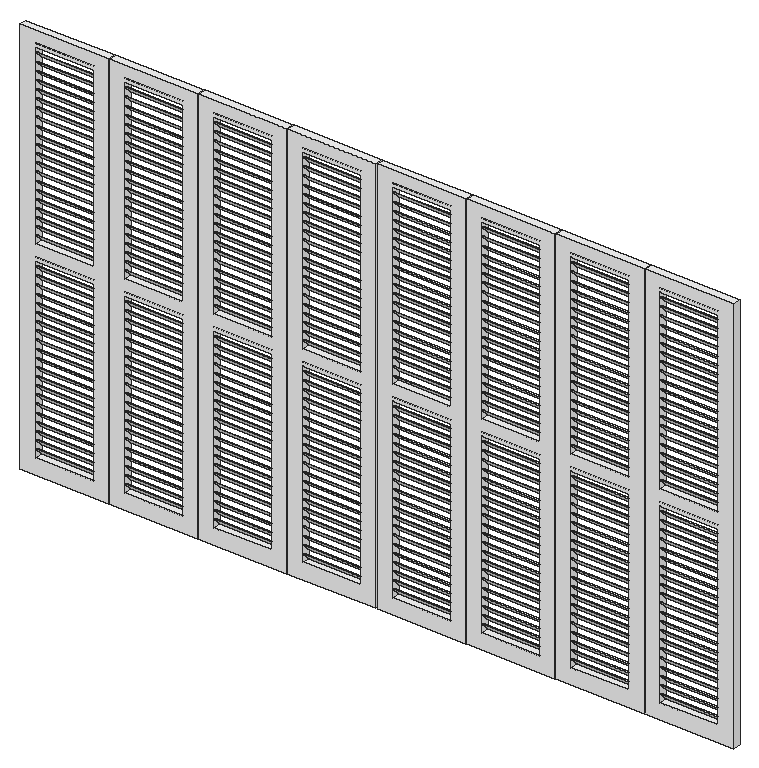
Revit family "WST_A3-Closed-Shutter-2500", category Generic Models, host Wall, Revit 2016 (continued)
Dimensions and locks
  "Width": plane 4 to plane 5
  "Height": plane 6 to level
  Extrusion 1 to Extrusion 5 = 581 mm
  locked: plane 1 "Wall" to plane 7 at 57.5
  plane 7 to plane 8 = 57.5 mm
  locked: Opening 1 sketch curve to level at 85
  Extrusion 17 to Extrusion 17 to Extrusion 17 to Extrusion 17 to Extrusion 17 to Extrusion 17 = 100 mm, 1150 mm, 100 mm, 1150 mm, 100 mm
  level to plane 9 = 2600 mm
  aligned and locked: host wall to plane 1 "Wall"
  aligned and locked: Extrusion 2 to Extrusion 1
  aligned and locked: Extrusion 1 to Extrusion 2  (x2)
  aligned and locked: Extrusion 4 to Extrusion 3
  aligned and locked: Extrusion 3 to Extrusion 4  (x2)
  aligned and locked: Extrusion 6 to Extrusion 5
  aligned and locked: Extrusion 5 to Extrusion 6  (x2)
  aligned and locked: Extrusion 8 to Extrusion 7
  aligned and locked: Extrusion 7 to Extrusion 8  (x2)
  aligned and locked: Extrusion 10 to Extrusion 9
  aligned and locked: Extrusion 9 to Extrusion 10  (x2)
  aligned and locked: Extrusion 12 to Extrusion 11
  aligned and locked: Extrusion 11 to Extrusion 12  (x2)
  aligned and locked: Extrusion 14 to Extrusion 13
  aligned and locked: Extrusion 13 to Extrusion 14  (x2)
  aligned and locked: Extrusion 16 to Extrusion 15
  aligned and locked: Extrusion 15 to Extrusion 16  (x2)
  aligned and locked: Extrusion 18 to Extrusion 17
  aligned and locked: Extrusion 17 to Extrusion 18  (x2)
  aligned and locked: Extrusion 17 to plane 8
  aligned and locked: Extrusion 15 to plane 8
  aligned and locked: Extrusion 13 to plane 8
  aligned and locked: Extrusion 11 to plane 8
  aligned and locked: Extrusion 9 to plane 8
  aligned and locked: Extrusion 7 to plane 8
  aligned and locked: Extrusion 5 to plane 8
  aligned and locked: Extrusion 1 to plane 8
  aligned and locked: Opening 1 sketch curve to Extrusion 17
  aligned and locked: Opening 1 sketch curve to Extrusion 1
  aligned and locked: Opening 1 sketch curve to plane 9
Automatic sketch dimensions
  Extrusion 1 sketch curve to Extrusion 1 sketch curve = 100 mm  (x5)
  Extrusion 1 sketch curve to Extrusion 1 sketch curve = 0 mm
  Extrusion 1 sketch curve to Extrusion 1 sketch curve = 380 mm  (x2)
  Extrusion 1 sketch curve to Extrusion 1 sketch curve = 1150 mm  (x2)
  Extrusion 5 sketch curve to Extrusion 5 sketch curve = 100 mm  (x5)
  Extrusion 5 sketch curve to Extrusion 5 sketch curve = 0 mm
  Extrusion 5 sketch curve to Extrusion 5 sketch curve = 380 mm  (x2)
  Extrusion 5 sketch curve to Extrusion 5 sketch curve = 1150 mm  (x2)
  Extrusion 7 sketch curve to Extrusion 7 sketch curve = 100 mm  (x5)
  Extrusion 7 sketch curve to Extrusion 7 sketch curve = 0 mm
  Extrusion 7 sketch curve to Extrusion 7 sketch curve = 380 mm  (x2)
  Extrusion 7 sketch curve to Extrusion 7 sketch curve = 1150 mm  (x2)
  Extrusion 9 sketch curve to Extrusion 9 sketch curve = 100 mm  (x5)
  Extrusion 9 sketch curve to Extrusion 9 sketch curve = 0 mm
  Extrusion 9 sketch curve to Extrusion 9 sketch curve = 380 mm  (x2)
  Extrusion 9 sketch curve to Extrusion 9 sketch curve = 1150 mm  (x2)
  Extrusion 11 sketch curve to Extrusion 11 sketch curve = 100 mm  (x5)
  Extrusion 11 sketch curve to Extrusion 11 sketch curve = 0 mm
  Extrusion 11 sketch curve to Extrusion 11 sketch curve = 380 mm  (x2)
  Extrusion 11 sketch curve to Extrusion 11 sketch curve = 1150 mm  (x2)
  Extrusion 13 sketch curve to Extrusion 13 sketch curve = 100 mm  (x5)
  Extrusion 13 sketch curve to Extrusion 13 sketch curve = 0 mm
  Extrusion 13 sketch curve to Extrusion 13 sketch curve = 380 mm  (x2)
  Extrusion 13 sketch curve to Extrusion 13 sketch curve = 1150 mm  (x2)
  Extrusion 15 sketch curve to Extrusion 15 sketch curve = 100 mm  (x5)
  Extrusion 15 sketch curve to Extrusion 15 sketch curve = 0 mm
  Extrusion 15 sketch curve to Extrusion 15 sketch curve = 380 mm  (x2)
  Extrusion 15 sketch curve to Extrusion 15 sketch curve = 1150 mm  (x2)
  Extrusion 17 sketch curve to Extrusion 17 sketch curve = 100 mm  (x5)
  Extrusion 17 sketch curve to Extrusion 17 sketch curve = 0 mm
  Extrusion 17 sketch curve to Extrusion 17 sketch curve = 380 mm  (x2)
  Extrusion 17 sketch curve to Extrusion 17 sketch curve = 1150 mm  (x2)
  Extrusion 18 sketch curve to Extrusion 18 sketch curve = 0 mm  (x85)
  Extrusion 18 sketch curve to Extrusion 18 sketch curve = 3.536 mm  (x88)
  Extrusion 18 sketch curve to Extrusion 18 sketch curve = 46.464 mm  (x43)
  Extrusion 18 sketch curve to Extrusion 18 sketch curve = 50 mm
  Extrusion 18 sketch curve to Extrusion 18 sketch curve = 72.218 mm
  Extrusion 2 sketch curve to Extrusion 2 sketch curve = 0 mm  (x85)
  Extrusion 2 sketch curve to Extrusion 2 sketch curve = 3.536 mm  (x88)
  Extrusion 2 sketch curve to Extrusion 2 sketch curve = 46.464 mm  (x43)
  Extrusion 2 sketch curve to Extrusion 2 sketch curve = 50 mm
  Extrusion 2 sketch curve to Extrusion 2 sketch curve = 72.218 mm
  Extrusion 4 sketch curve to Extrusion 4 sketch curve = 0 mm  (x85)
  Extrusion 4 sketch curve to Extrusion 4 sketch curve = 3.536 mm  (x88)
  Extrusion 4 sketch curve to Extrusion 4 sketch curve = 46.464 mm  (x43)
  Extrusion 4 sketch curve to Extrusion 4 sketch curve = 50 mm
  Extrusion 4 sketch curve to Extrusion 4 sketch curve = 72.218 mm
  Extrusion 6 sketch curve to Extrusion 6 sketch curve = 0 mm  (x85)
  Extrusion 6 sketch curve to Extrusion 6 sketch curve = 3.536 mm  (x88)
  Extrusion 6 sketch curve to Extrusion 6 sketch curve = 46.464 mm  (x43)
  Extrusion 6 sketch curve to Extrusion 6 sketch curve = 50 mm
  Extrusion 6 sketch curve to Extrusion 6 sketch curve = 72.218 mm
  Extrusion 8 sketch curve to Extrusion 8 sketch curve = 0 mm  (x85)
  Extrusion 8 sketch curve to Extrusion 8 sketch curve = 3.536 mm  (x88)
  Extrusion 8 sketch curve to Extrusion 8 sketch curve = 46.464 mm  (x43)
  Extrusion 8 sketch curve to Extrusion 8 sketch curve = 50 mm
  Extrusion 8 sketch curve to Extrusion 8 sketch curve = 72.218 mm
  Extrusion 10 sketch curve to Extrusion 10 sketch curve = 0 mm  (x85)
  Extrusion 10 sketch curve to Extrusion 10 sketch curve = 3.536 mm  (x88)
  Extrusion 10 sketch curve to Extrusion 10 sketch curve = 46.464 mm  (x43)
  Extrusion 10 sketch curve to Extrusion 10 sketch curve = 50 mm
  Extrusion 10 sketch curve to Extrusion 10 sketch curve = 72.218 mm
  Extrusion 12 sketch curve to Extrusion 12 sketch curve = 0 mm  (x85)
  Extrusion 12 sketch curve to Extrusion 12 sketch curve = 3.536 mm  (x88)
  Extrusion 12 sketch curve to Extrusion 12 sketch curve = 46.464 mm  (x43)
  Extrusion 12 sketch curve to Extrusion 12 sketch curve = 50 mm
  Extrusion 12 sketch curve to Extrusion 12 sketch curve = 72.218 mm
  Extrusion 14 sketch curve to Extrusion 14 sketch curve = 0 mm  (x85)
  Extrusion 14 sketch curve to Extrusion 14 sketch curve = 3.536 mm  (x88)
  Extrusion 14 sketch curve to Extrusion 14 sketch curve = 46.464 mm  (x43)
  Extrusion 14 sketch curve to Extrusion 14 sketch curve = 50 mm
  Extrusion 14 sketch curve to Extrusion 14 sketch curve = 72.218 mm
  Extrusion 16 sketch curve to Extrusion 16 sketch curve = 0 mm  (x85)
  Extrusion 16 sketch curve to Extrusion 16 sketch curve = 3.536 mm  (x88)
  Extrusion 16 sketch curve to Extrusion 16 sketch curve = 46.464 mm  (x43)
  Extrusion 16 sketch curve to Extrusion 16 sketch curve = 50 mm
  Extrusion 16 sketch curve to Extrusion 16 sketch curve = 72.218 mm
